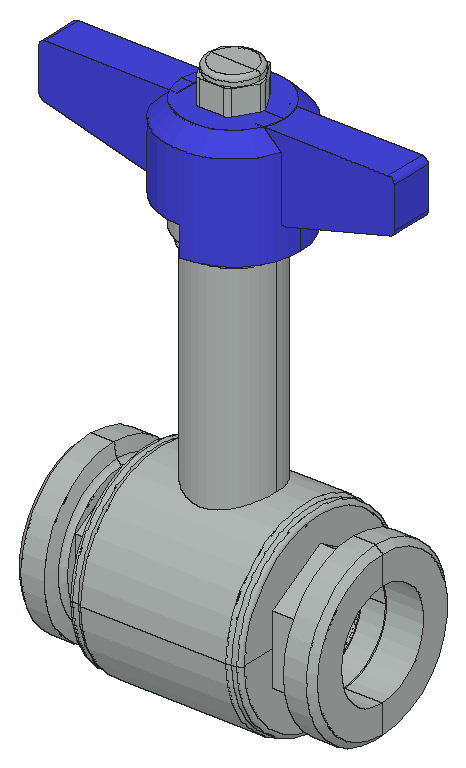
Revit family "QD03120000", category Apparecchi idraulici, Revit 2020
Family settings
  Quota connettore circolare = Usa diametro
  Tipo di parte = Normale
  Numero OmniClass = 23.45.00.00
  Titolo OmniClass = Sanitary, Laundry, and Cleaning Equipment
  Basato su piano di lavoro = No
  Sempre verticale = Sì
  Taglio con vuoti quando caricato = No
  Condiviso = No
  Punto di calcolo locali = No
Parameters
  URL = "https://web.cimberio.it/index.php/figura/429?subcategoria_id=82"
  Temperatura di esercizio = "-20 ÷ 150°C"
  Prospetto di default = 0 mm
  Produttore = "CIMBERIO SPA"
  Pressione nominale = "PN 32"
  Modello = "Cim 352"
  Materiale = "Prodotto in lega di ottone “CR” – “DZR\" conforme alla norma EN 12165-CW511L-DW."
  Descrizione = "Utilizzato nei più svariati settori dell'impiantistica: impianti di riscaldamento, condizionamento, idrici, igienico-sanitari, aria compressa e in generale con ogni fluido non corrosivo."
  DN Model [instance] = QD03121033 : QD03121033
  DN [instance] = 25 mm
  Commenti sul tipo = "Realizzato in ottemperanza ai requisiti gestionali della norma EN ISO 9001.\r\nCollaudato al 100% secondo la normativa EN 12266-1"
Reference planes
  plane 1 "Centro (Fronte/Retro)": y = 0
  plane 2: z = 0
  plane 3 "Centro (Sinistra/Destra)": x = 0
Dimensions and locks
  aligned and locked: level to plane 2
Nested families
  nested 1: "QD03121033" at (0, 0, 0), type <- "DN Model", type "QD03121033"
    with DN 10 mm
  nested 2: "QD03121033" at (0, 0, 0), type <- "DN Model", type "QD03121033"
    with DN 10 mm
  nested 3: "QD03121033" at (0, 0, 0), type <- "DN Model", type "QD03121033"
    with DN 10 mm
  nested 4: "QD03121033" at (0, 0, 0), type <- "DN Model", type "QD03121033"
    with DN 10 mm
  nested 5: "QD03121033" at (0, 0, 0), type <- "DN Model", type "QD03121033"
    with DN 10 mm
  nested 6: "QD03121033" at (0, 0, 0), type <- "DN Model", type "QD03121033"
    with DN 10 mm
  nested 7: "QD03121033" at (0, 0, 0), type <- "DN Model", type "QD03121033"
    with DN 10 mm
  nested 8: "QD03121033" at (0, 0, 0), type <- "DN Model", type "QD03121033"
    with DN 10 mm
Connectors
  piping at (35.6, 0, 0), diameter 25, driven by "DN"
    settings: on nested 1, index 1, connector inside diameter 609.6 mm, connector length 0 mm, flow factor 0, pipe flow 0.0 L/s, pressure drop 0.0 Pa, fitting loss kfactor 0, connector angle 0.00°, fixture units 0, engagement length 0 mm, angle of deflection 0.00°, flow configuration 0, flow direction 0, fitting loss method 0, system type 7, joint type 0, gender type 0, connector reference index -1, connector utility 0, adjustable connector no, is connector primary yes, connector description ""
  piping at (-35.6, 0, 0), diameter 25, driven by "DN"
    settings: on nested 1, index 2, connector inside diameter 609.6 mm, connector length 0 mm, flow factor 0, pipe flow 0.0 L/s, pressure drop 0.0 Pa, fitting loss kfactor 0, connector angle 0.00°, fixture units 0, engagement length 0 mm, angle of deflection 0.00°, flow configuration 0, flow direction 0, fitting loss method 0, system type 7, joint type 0, gender type 0, connector reference index -1, connector utility 0, adjustable connector no, is connector primary no, connector description ""
Definition of nested family "QD03121033"
  Parameters (values of type "QD03121033")
    Default Elevation = 0 mm
    DN [instance] = 10 mm  # constant formula
  Reference planes
    plane 1 "Centro (Fronte/Retro)": y = 0
    plane 2: z = 0
    plane 3 "Centro (Sinistra/Destra)": x = 0
  Forms (mm)
    Revolve 1, solid
      sketch origin (0, 0, 0) x (1, 0, 0) y (0, 1, 0)
        loop
          arc (20.6, 22.513) -> (20.311, 23.211) -> (19.613, 23.5) r 0.987
          line (19.613, 23.5) -> (18.227, 23.5) -> (17.361, 24) -> (-17.24, 24) -> (-18.418, 23.5) -> (-19.6, 23.5)
          arc (-19.6, 23.5) -> (-20.307, 23.207) -> (-20.6, 22.5) r 1
          line (-20.6, 22.5) -> (-20.6, 12.5) -> (20.6, 12.5) -> (20.6, 22.513)
        axis (-20.6, 0) -> (20.6, 0)
      angle from 0 to 360
    Revolve 2, solid
      sketch origin (0, 0, 14) x (1, 0, 0) y (0, 0, 1)
        loop
          line (0, 69) -> (0, 1.908) -> (10.25, 1.908) -> (10.25, 60)
          arc (10.25, 60) -> (10.783, 60.251) -> (11, 60.798) r 0.8
          line (11, 60.798) -> (11, 69) -> (0, 69)
        axis (0, 69) -> (0, 1.908)
      angle from 0 to 360
    Extrusion 3, solid
      sketch origin (0, 0, 14) x (1, 0, 0) y (0, 0, 1)
        loop
          line (-16.001, 69) -> (-16.001, 63.767)
          arc (-16.001, 63.767) -> (-15.794, 63.159) -> (-15.26, 62.801) r 1
          line (-15.26, 62.801) -> (-9.887, 61.362) -> (-9.887, 69) -> (-16.001, 69)
      from 0 to 1.289
    Extrusion 4, solid
      sketch origin (0, 0, 42.55) x (1, 0, 0) y (0, 1, 0)
        loop
          line (5.202, 9.01) -> (-5.202, 9.01) -> (-10.404, 0) -> (-5.202, -9.01) -> (5.202, -9.01) -> (10.404, 0) -> (5.202, 9.01)
      from 40.45 to 48.35
    Extrusion 5, solid
      sketch origin (-11, 0, 0) x (0, 0, 1) y (0, 1, 0)
        loop
          circle (0, 0) r 12.5
        loop
          line (16.5, 0) -> (8.25, 14.289) -> (-8.25, 14.289) -> (-16.5, 0) -> (-8.25, -14.289) -> (8.25, -14.289) -> (16.5, 0)
      from 9.1 to 15.449
    Revolve 6, solid
      sketch origin (0, 0, 0) x (1, 0, 0) y (0, 0, 1)
        loop
          line (0, 77.5) -> (0, 104.5) -> (-12.25, 104.5) -> (-16.171, 100.5) -> (-16.171, 77.5) -> (0, 77.5)
        axis (0, 104.5) -> (0, 77.5)
      angle from 0 to 360
    Revolve 7, solid
      sketch origin (0, 0, 0) x (1, 0, 0) y (0, 0, 1)
        loop
          line (0, 112.5) -> (0, 110.5) -> (6.25, 110.5) -> (6.25, 111.5)
          arc (6.25, 111.5) -> (5.957, 112.207) -> (5.25, 112.5) r 1
          line (5.25, 112.5) -> (0, 112.5)
        axis (0, 112.5) -> (0, 110.5)
      angle from 0 to 360
    Extrusion 8, solid
      sketch origin (-0.001, 0.001, 28.55) x (-0.000076, -1, 0) y (1, -0.000076, 0)
        loop
          line (-0.74, 7.071) -> (-5.738, 4.185)
          arc (-5.738, 4.185) -> (-6.291, 3.632) -> (-6.493, 2.877) r 1.51
          line (-6.493, 2.877) -> (-6.493, -2.865)
          arc (-6.493, -2.865) -> (-6.288, -3.63) -> (-5.728, -4.191) r 1.532
          line (-5.728, -4.191) -> (-0.745, -7.068)
          arc (-0.745, -7.068) -> (0, -7.267) -> (0.745, -7.068) r 1.491
          line (0.745, -7.068) -> (5.744, -4.181)
          arc (5.744, -4.181) -> (6.293, -3.633) -> (6.493, -2.884) r 1.498
          line (6.493, -2.884) -> (6.493, 2.863)
          arc (6.493, 2.863) -> (6.288, 3.63) -> (5.726, 4.192) r 1.535
          line (5.726, 4.192) -> (0.74, 7.071)
          arc (0.74, 7.071) -> (0, 7.269) -> (-0.74, 7.071) r 1.48
      from 75.95 to 81.95
    Extrusion 9, void
      sketch origin (0, 0, 28.55) x (1, 0, 0) y (0, 1, 0)
        loop
          line (-12.25, 0) -> (-17.25, 0)
          arc (-17.25, 0) -> (-12.198, -12.198) -> (0, -17.25) r 17.25
          line (0, -17.25) -> (0, -12.25)
          arc (0, -12.25) -> (-8.662, -8.662) -> (-12.25, 0) r 12.25
      from 48.153 to 55.95
    Revolve 10, solid
      sketch origin (0, 0, 0) x (1, 0, 0) y (0, 0, 1)
        loop
          line (-35.6, 12.5) -> (-26.449, 12.5) -> (-26.449, 16.5)
          arc (-26.449, 16.5) -> (-27.369, 16.815) -> (-27.903, 17.629) r 1.5
          arc (-27.903, 17.629) -> (-28.247, 19.226) -> (-28.661, 20.807) r 37.429
          line (-28.661, 20.807) -> (-34.093, 20.807) -> (-35.6, 19.3) -> (-35.6, 12.5)
        axis (-35.6, 0) -> (-26.449, 0)
      angle from 0 to 360
    Extrusion 11, solid
      sketch origin (11, 0, 0) x (0, 0, 1) y (0, -1, 0)
        loop
          circle (0, 0) r 12.5
        loop
          line (16.5, 0) -> (8.25, 14.289) -> (-8.25, 14.289) -> (-16.5, 0) -> (-8.25, -14.289) -> (8.25, -14.289) -> (16.5, 0)
      from 9.1 to 15.449
    Revolve 12, solid
      sketch origin (0, 0, 0) x (-1, 0, 0) y (0, 0, -1)
        loop
          line (-35.6, -12.5) -> (-35.6, -19.3) -> (-34.093, -20.807) -> (-28.661, -20.807)
          arc (-28.661, -20.807) -> (-28.247, -19.226) -> (-27.903, -17.629) r 37.429
          arc (-27.903, -17.629) -> (-27.369, -16.815) -> (-26.449, -16.5) r 1.5
          line (-26.449, -16.5) -> (-26.449, -12.5) -> (-35.6, -12.5)
        axis (-35.6, 0) -> (-26.449, 0)
      angle from 0 to 360
    Extrusion 13, solid
      sketch origin (0, 0, 0) x (1, 0, 0) y (0, 0, 1)
        loop
          arc (-41, 104.5) -> (-42.061, 104.061) -> (-42.5, 103) r 1.5
          line (-42.5, 103) -> (-42.5, 93.151)
          arc (-42.5, 93.151) -> (-42.19, 92.238) -> (-41.388, 91.702) r 1.5
          line (-41.388, 91.702) -> (-16.555, 85.048) -> (-9.453, 85.048) -> (-9.453, 104.5) -> (-41, 104.5)
        loop
          line (41, 104.5) -> (9.453, 104.5) -> (9.453, 85.048) -> (16.555, 85.048) -> (41.388, 91.702)
          arc (41.388, 91.702) -> (42.19, 92.238) -> (42.5, 93.151) r 1.5
          line (42.5, 93.151) -> (42.5, 103)
          arc (42.5, 103) -> (42.061, 104.061) -> (41, 104.5) r 1.5
      from -5 to 5
  Cuts and joins
    Extrusion 9 cuts Revolve 6
  Dimensions and locks
    aligned and locked: level to plane 2
